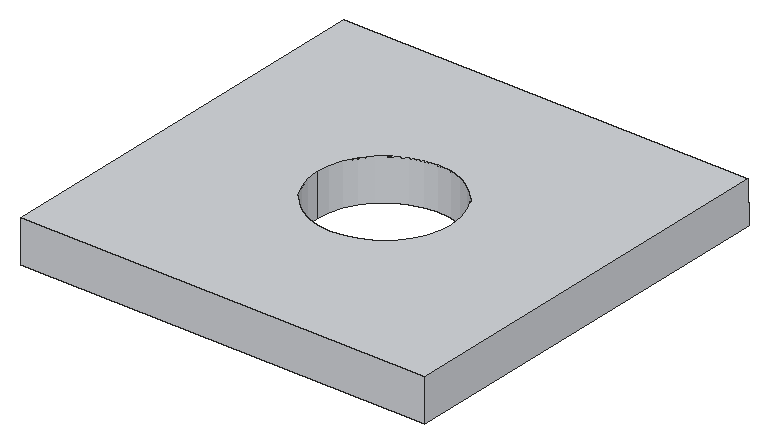
Revit family "050523 - Metal Fastener - Bearing Plate - BP 3_4-3 HDG - 3x3x5_16 W 3_4 Hole", category Generic Models, Revit 2019
Family settings
  Can host rebar = No
  Round Connector Dimension = Use Diameter
  Part Type = Normal
  Work Plane-Based = No
  Always vertical = Yes
  Cut with Voids When Loaded = No
  Shared = No
  Room Calculation Point = No
Parameters
  Plate Material = none
Reference planes (in)
  plane 1 "Center (Front/Back)": y = 0
  plane 2: z = 0
  plane 3 "Center (Left/Right)": x = 0
  plane 4: x = 3
  plane 5: y = 3
  plane 6: z = 0.3125
Forms (in)
  Extrusion 1, solid, material <- "Plate Material"
    sketch origin (0, 0, 0) x (1, 0, 0) y (0, 1, 0)
      loop
        line (3, 0) -> (3, 3) -> (0, 3) -> (0, 0) -> (3, 0)
      loop
        circle (1.5, 1.5) r 0.5
    from 0 to 0.3125
Dimensions and locks (in)
  plane 1 "Center (Front/Back)" to plane 5 = 0' - 3"
  plane 3 "Center (Left/Right)" to plane 4 = 0' - 3"
  equal spacing: Extrusion 1 sketch curve, Extrusion 1 sketch curve, Extrusion 1 sketch curve
  Extrusion 1 sketch curve to Extrusion 1 sketch curve to Extrusion 1 sketch curve = 0' - 1 1/2", 0' - 1 1/2"
  plane 6 to level = 0' - 0 5/16"
  aligned and locked: plane 2 to level
  aligned and locked: plane 4 to Extrusion 1 sketch curve
  aligned and locked: Extrusion 1 sketch curve to plane 5
  aligned and locked: Extrusion 1 sketch curve to plane 1 "Center (Front/Back)"
  aligned and locked: plane 3 "Center (Left/Right)" to Extrusion 1 sketch curve
  aligned and locked: Extrusion 1 to level
  aligned and locked: plane 6 to Extrusion 1
